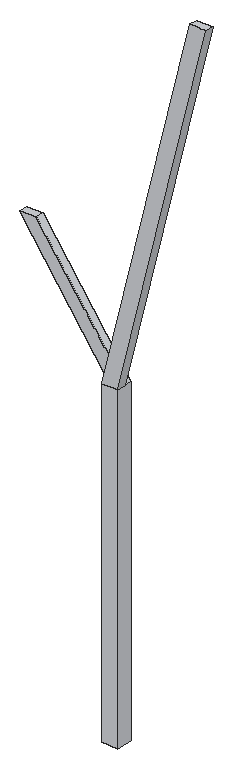
Revit family "SCT_Parts_16-11", category Generic Models, Revit 2018
Family settings
  Can host rebar = No
  Round Connector Dimension = Use Diameter
  Part Type = Normal
  Work Plane-Based = No
  Always vertical = Yes
  Cut with Voids When Loaded = No
  Shared = No
  Room Calculation Point = No
Parameters
  TR_Planta = 200 mm
  TR_Gruix = 200 mm
  TR_Altura [instance] = 4000 mm
  BR esq_Voladiu [instance] = 1100 mm
  BR esq_Planta = 100 mm
  BR esq_Gruix = 200 mm
  BR esq_Altura [instance] = 1500 mm
  BR dr_Voladiu [instance] = 1300 mm
  BR dr_Gruix = 200 mm
  BR dr_Altures [instance] = 4400 mm
Reference planes
  plane 1 "Center (Front/Back)": y = 0
  plane 2: z = 0
  plane 3 "Center (Left/Right)": x = 0
  plane 4 "Pla Altura Tronc": z = 4000
  plane 5: x = 200
  plane 6: z = 5500
  plane 7: x = -1100
  plane 8: x = -900
  plane 9: y = -100
  plane 10: y = -200
  plane 11: z = 8400
  plane 12: x = 1300
  plane 13: x = 1100
Forms (mm)
  Extrusion 1, solid
    sketch origin (0, 0, 0) x (1, 0, 0) y (0, 0, 1)
      loop
        line (0, 4000) -> (0, 0) -> (200, 0) -> (200, 4000) -> (0, 4000)
    from 0 to 200
  Extrusion 2, solid
    sketch origin (0, 0, 0) x (1, 0, 0) y (0, 0, 1)
      loop
        line (-1100, 5500) -> (0, 4000) -> (200, 4000) -> (-900, 5500) -> (-1100, 5500)
    from 0 to 100
  Extrusion 3, solid
    sketch origin (0, 0, 0) x (1, 0, 0) y (0, 0, 1)
      loop
        line (1300, 8400) -> (1100, 8400) -> (0, 4000) -> (200, 4000) -> (1300, 8400)
    from 100 to 200
Dimensions and locks
  "TR_Gruix": plane 5 to plane 3 "Center (Left/Right)"
  "TR_Altura": plane 4 "Pla Altura Tronc" to level
  "BR esq_Gruix": plane 7 to plane 8
  "BR esq_Altura": plane 6 to plane 4 "Pla Altura Tronc"
  "BR esq_Voladiu": plane 5 to plane 8
  "BR esq_Planta": plane 1 "Center (Front/Back)" to plane 9
  "TR_Planta": plane 10 to plane 1 "Center (Front/Back)"
  "BR dr_Gruix": plane 12 to plane 13
  "BR dr_Altures": plane 11 to plane 4 "Pla Altura Tronc"
  "BR dr_Voladiu": plane 12 to plane 3 "Center (Left/Right)"
  aligned and locked: level to plane 2
  aligned and locked: Extrusion 1 to plane 3 "Center (Left/Right)"
  aligned and locked: plane 5 to Extrusion 1
  aligned and locked: plane 4 "Pla Altura Tronc" to Extrusion 1
  aligned and locked: Extrusion 1 to level
  aligned and locked: plane 6 to Extrusion 2
  aligned and locked: Extrusion 2 to plane 4 "Pla Altura Tronc"
  aligned and locked: Extrusion 2 to plane 9
  aligned and locked: Extrusion 1 to plane 10
  aligned and locked: Extrusion 3 to plane 10
  aligned and locked: Extrusion 3 to plane 9
Automatic sketch dimensions
  Extrusion 1 sketch curve to level = 0 mm
  Extrusion 1 sketch curve to plane 3 "Center (Left/Right)" = 0 mm
  Extrusion 1 sketch curve to plane 5 = 0 mm
  Extrusion 1 sketch curve to plane 4 "Pla Altura Tronc" = 0 mm
  plane 7 to Extrusion 2 sketch curve = 0 mm
  Extrusion 2 sketch curve to plane 8 = 0 mm
  plane 6 to Extrusion 2 sketch curve = 0 mm
  plane 3 "Center (Left/Right)" to Extrusion 2 sketch curve = 0 mm
  Extrusion 2 sketch curve to plane 4 "Pla Altura Tronc" = 0 mm
  plane 5 to Extrusion 2 sketch curve = 0 mm
  Extrusion 3 sketch curve to plane 3 "Center (Left/Right)" = 0 mm
  Extrusion 3 sketch curve to plane 4 "Pla Altura Tronc" = 0 mm
  Extrusion 3 sketch curve to plane 5 = 0 mm
  Extrusion 3 sketch curve to plane 13 = 0 mm
  Extrusion 3 sketch curve to plane 12 = 0 mm
  Extrusion 3 sketch curve to plane 11 = 0 mm
